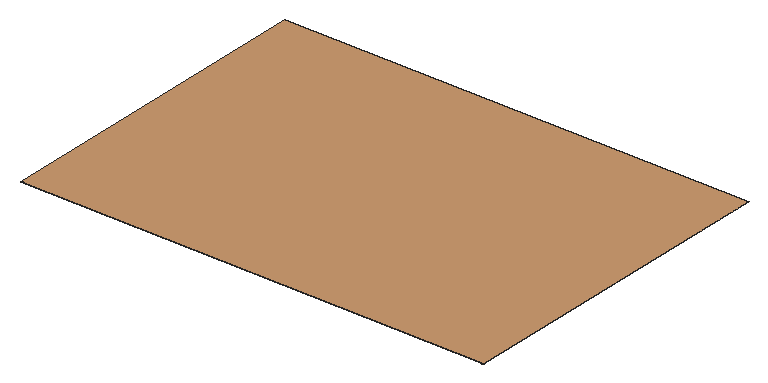
Revit family "Foundation-Barrier-Drago-Wrap-Vapor-Intrusion_Barrier", category Specialty Equipment, host Face, Revit 2020
Family settings
  Host = Face
  Round Connector Dimension = Use Diameter
  Part Type = Normal
  OmniClass Number = 23.25.05.21
  OmniClass Title = Special Foundations
  Cut with Voids When Loaded = No
  Shared = No
  Room Calculation Point = No
Parameters (values of type "Drago® Wrap Vapor Intrusion Barrier 20 mils")
  Youtube clip = "https://youtu.be/C0ZflDSFBpI"
  Width Max Validate [instance] = if(Width > 14' 0", 14' 0", Width)  # 14' - 0"
  Width [instance] = 14' - 0"
  Weight Net (Kg) = "0"
  Vapor Barrier Thickness = "20 mils"
  Uniformat II Description = ""
  Uniformat II Code = ""
  Uniclass 2015 Name = ""
  Uniclass 2015 Code = ""
  Uniclass 2.0 Description = ""
  Uniclass 2.0 Code = ""
  Uniclass 1.4 Description = ""
  Uniclass 1.4 Code = ""
  URL = "http://www.stegoindustries.com"
  UNSPSC Code = ""
  Type Comments = ""
  Technical description = "Drago Wrap is specifically engineered to serve as a barrier to volatile organic compounds (VOCs)."
  Stego Vapor Barrier = Drago® Wrap Vapor Intrusion Barrier
  Region South America = "CL, PE"
  Region Oceania = "AU, NZ"
  Region North America = "AG, AI, AW, BB, BL, BM, BQ, BS, BZ, CA, CR, CU, CW, DM, DO, GD, GL, GP, GT, HN, HT, JM, KN, KY, LC, MF, MQ, MS, MX, NI, PA, PM, PR, SV, SX, TC, TT, US, VC, VG, VI"
  Region Middle East = "None"
  Region Europe = "None"
  Region Asia = "KR"
  Region Antarctica = "None"
  Region Africa = "None"
  QR code = "https://bimobject.com/stego-industries/product/stego009"
  Product url = "https://www.stegoindustries.com/products/drago-wrap\r\n\r\nhttps://www.stegoindustries.com/products/vapor-barrier-15-mil\r\nhttps://www.stegoindustries.com/products/pango-wrap"
  Product group = "Drago Wrap Vapor Intrusion Barrier"
  Product family = "Thermal and Moisture Protective Products\r\nThermal and Moisture Protective Products\r\nThermal and Moisture Protective Products"
  Product data url = "https://bimobject.com/stego-industries/product/stego009"
  Product certification = "https://www.stegoindustries.com/contact-us/technical-assistance"
  Product SKU = "stego009"
  Product Page URL = "https://www.stegoindustries.com/products/drago-wrap"
  Product Guid = "https://www.stegoindustries.com/hubfs/Installation/Drago-Wrap-Vapor-Intrusion-Barrier-Installation-Instructions-1.pdf"
  Product Documentation Link = "https://www.stegoindustries.com/hubfs/Data-Sheets/Drago-Wrap-Data-Sheet.pdf"
  OmniClass Description = ""
  OmniClass Code = ""
  Nominal width = 0' - 0"
  Nominal height = 0' - 0"
  NBS Reference Description = ""
  NBS Reference Code = ""
  Model = "Drago® Wrap Vapor & Intrusion Barrier"  # constant formula
  Max Length Note = "Maximum roll length is 105'."
  Material secondary = ""
  Material main = "Polyethylene"
  Masterformat 2014 Description = "Vapor Retarder"
  Masterformat 2014 Code = ""
  Manufacturer name = "Stego Industries, LLC"
  Manufacturer country = "United States"
  Manufacturer = "Stego Industries, LLC"  # constant formula
  Low Emitting Material = yes
  Length [instance] = 10' - 0"
  Installation instructions = "https://www.stegoindustries.com/hubfs/Installation/Drago-Wrap-Vapor-Intrusion-Barrier-Installation-Instructions-1.pdf\r\n\r\nhttps://www.stegoindustries.com/hubfs/Installation/Stego_Wrap_Vapor_Barrier_Retarder-Installation_Instructions-.pdf\r\nhttps://www.stegoindustries.com/hubfs/Installation/Stego_Wrap_Vapor_Barrier_Retarder-Installation_Instructions-.pdf"
  IFC Classification = ""
  Edition number = 1
  EAN code = ""
  Design country = "United States"
  Description = "Drago Wrap is specifically engineered to serve as a barrier to volatile organic compounds (VOCs). Through patented and trade secret processes, Drago Wrap combines uniquely designed barrier materials with the flexibility and strength of a high-performance polyolefin film into an easy-to-install barrier against hydrocarbons and chlorinated solvents. It provides Owners, Developers, and Engineers a high-performing solution to transform brownfield sites into healthy built environments."
  Default Elevation = 0' - 0"
  Date of publishing = "3/27/2020"
  COBIe Type Category = ""
  Brand url = "http://www.stegoindustries.com"
  BIMobject category = "Waterproofing & Membranes"
  ASTM = "Meets ASTM E1745 Requirements."
Reference planes (in)
  plane 1 "Center (Front/Back)": y = 0
  plane 2: z = 0
  plane 3 "Center (Left/Right)": x = 0
  plane 4: x = -84
  plane 5: x = 84
  plane 6: y = 60
  plane 7: x = -78
  plane 8 "Start Roll Length": y = 60
  plane 9 "Left Vapor Barrier": x = -84
  plane 10 "Right Vapor Barrier": x = 84
  plane 11: y = -60
  plane 12: x = 78
Forms (in)
  Extrusion 1, solid, material "Drago® Wrap Vapor Intrusion Barrier" <- "Stego Vapor Barrier"
    sketch origin (0, 0, 0) x (1, 0, 0) y (0, 1, 0)
      loop
        line (-84, -60) -> (84, -60) -> (84, 60) -> (-84, 60) -> (-84, -60)
    from 0 to 0.032
Lines and regions (in)
  Masking region 1
    outline origin (0, 0, 0) x (1, 0, 0) y (0, 1, 0)
      loop
        line (-84, 60) -> (-84, -60) -> (84, -60) -> (84, 60) -> (-84, 60)
  Masking region 2
    outline origin (0, 0, 0) x (1, 0, 0) y (0, 0, 1)
      loop
        line (-84, 0.032) -> (-84, 0) -> (84, 0) -> (84, 0.032) -> (-84, 0.032)
  Masking region 3
    outline origin (0, 0, 0) x (0, 1, 0) y (0, 0, 1)
      loop
        line (60, 0.032) -> (-60, 0.032) -> (-60, 0) -> (60, 0) -> (60, 0.032)
  model lines, style "InvisibleLines", detail levels medium+fine
    curve 1: line (-78, 60, 0) -> (-78, -60, 0)
    curve 2: line (78, 60, 0) -> (78, -60, 0)
Dimensions and locks (in)
  equal spacing: plane 4, plane 3 "Center (Left/Right)", plane 5
  equal spacing: plane 9 "Left Vapor Barrier", plane 3 "Center (Left/Right)", plane 10 "Right Vapor Barrier"
  "Width Max Validate": plane 9 "Left Vapor Barrier" to plane 10 "Right Vapor Barrier"
  locked: plane 9 "Left Vapor Barrier" to plane 7 at 6
  "Length": plane 8 "Start Roll Length" to plane 11
  locked: plane 12 to plane 10 "Right Vapor Barrier" at 6
  aligned and locked: plane 2 to host face
  aligned and locked: level to host face
  aligned and locked: Extrusion 1 sketch curve to plane 11
  aligned and locked: Extrusion 1 sketch curve to plane 9 "Left Vapor Barrier"
  aligned and locked: plane 8 "Start Roll Length" to Extrusion 1 sketch curve
  aligned and locked: plane 10 "Right Vapor Barrier" to Extrusion 1 sketch curve
  aligned and locked: curve 1 to plane 7
  aligned and locked: plane 11 to curve 1
  aligned and locked: plane 8 "Start Roll Length" to curve 1
  aligned and locked: curve 2 to plane 12
  aligned and locked: plane 11 to curve 2
  aligned and locked: plane 8 "Start Roll Length" to curve 2
  aligned and locked: Masking region 1 sketch curve to Extrusion 1  (x4)
  aligned and locked: Masking region 2 sketch curve to Extrusion 1  (x4)
  aligned and locked: Masking region 3 sketch curve to Extrusion 1  (x3)
  aligned and locked: Masking region 3 sketch curve to curve 1
Automatic sketch dimensions
  host sketch curve to host sketch curve = 0' - 0.03563"
  host sketch curve to host sketch curve = 0' - 0.03243"
